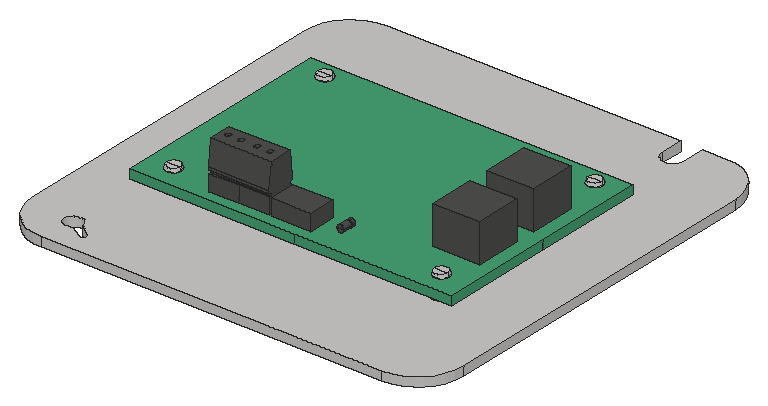
Revit family "NXRO", category Communication Devices, host Face, Revit 2014
Parameters (values of type "NXRO")
  White Element = Glass, White, High Luminance
  Warranty = "5-Years Warranty"  # constant formula
  Voltage = 24 V
  Type Comments = "NX Occupancy Output Interface"  # constant formula
  Steel = Metal-Hubbell-Galvanized_Steel
  Product Page URL = "https://www.hubbell.com/hubbellcontrolsolutions/en/Products/Lighting-Controls/Lighting-Controls-Sensors/NX-Distributed-Intelligence-Lighting-Controls/NX-Occupancy-Output-Interface/p/2529213"
  Product Documentation Link = "https://hubbellcdn.com/specsheet/3470A_NX_Occupancy_Output.pdf"
  URL = "https://www.hubbell.com/hubbellcontrolsolutions/en"
  Model = "NXRO"  # constant formula
  Manufacturer = "Hubbell Control Solutions"  # constant formula
  Green Element = Plastic - Hubbell - Green
  Features = "• Mounts to standard 4 11/16\" junction box, Raco #257 or similar\r\n• Removable terminal bloc for input connection\r\n• Connects to and is powered by NX SmartPORT\r\n• Supports multiple occupancy sensors in the zone\r\n• Low voltage Form C output relay supports NC and NO operation\r\n• Low voltage device: 24 VDC"
  Description = "The NX Occupancy Output Interface provides a means to\r\ncommunicate the occupancy state of an NX distributed control\r\nzone to HVAC or other systems using simple contact closure. The\r\nNXRO connects to the SmartPORT™ and provides the aggregate\r\noccupancy state of the zone as reported by one or more\r\noccupancy sensors."  # constant formula
  Default Elevation = 48.00"
  Copyright = "Copyright © 2021 Hubbell Control Solutions"  # constant formula
  Contact Us = "https://www.hubbell.com/hubbellcontrolsolutions/en/contactUs"
  Black Material = Paint - Hubbell - Black Matte Textured
  Assembly Code = "D5090"
  Apparent Load = 0 VA
Reference planes (in)
  plane 1 "Center (Front/Back)": y = 11.68155
  plane 2: z = 0
  plane 3 "Center (Left/Right)": x = 0
  plane 4: z = 1.38
  plane 5: x = 2.38
  plane 6: x = -2.38
  plane 7: y = 14.06155
  plane 8: y = 9.30155
Forms (in)
  Extrusion 1, solid, material "Metal-Hubbell-Galvanized_Steel" <- "Steel"
    sketch origin (0, 0, 0) x (1, 0, 0) y (0, 1, 0)
      loop
        line (-1.88, 9.30155) -> (1.88, 9.30155)
        arc (1.88, 9.30155) -> (2.23355, 9.448) -> (2.38, 9.80155) r 0.5
        line (2.38, 9.80155) -> (2.38, 13.56155)
        arc (2.38, 13.56155) -> (2.23355, 13.91511) -> (1.88, 14.06155) r 0.5
        line (1.88, 14.06155) -> (1.61769, 14.06155) -> (1.61769, 13.81155)
        arc (1.61769, 13.81155) -> (1.49269, 13.68655) -> (1.36769, 13.81155) r 0.125
        line (1.36769, 13.81155) -> (1.36769, 14.06155) -> (-1.88, 14.06155)
        arc (-1.88, 14.06155) -> (-2.23355, 13.91511) -> (-2.38, 13.56155) r 0.5
        line (-2.38, 13.56155) -> (-2.38, 9.80155)
        arc (-2.38, 9.80155) -> (-2.23355, 9.448) -> (-1.88, 9.30155) r 0.5
      loop
        arc (-1.73425, 9.67849) -> (-1.92135, 9.72883) -> (-1.77598, 9.60074) r 0.09949
        line (-1.77598, 9.60074) -> (-1.64496, 9.51237)
        arc (-1.64496, 9.51237) -> (-1.58402, 9.52421) -> (-1.59586, 9.58515) r 0.0439
        line (-1.59586, 9.58515) -> (-1.73425, 9.67849)
    from 0.1 to 0
  Extrusion 2, solid, material "Plastic - Hubbell - Green" <- "Green Element"
    sketch origin (0, 0, 0) x (1, 0, 0) y (0, 1, 0)
      loop
        line (-1.8125, 12.93155) -> (-1.8125, 11.68155) -> (-1.8125, 10.43155) -> (0, 10.43155) -> (1.75, 10.43155) -> (1.75, 11.68155) -> (1.75, 12.93155) -> (0, 12.93155) -> (-1.8125, 12.93155)
    from 0.3 to 0.2
  Revolve 3, solid, material "Metal-Hubbell-Galvanized_Steel" <- "Steel"
    sketch origin (-0.17187, 12.7542, 0) x (1, 0, 0) y (0, 0, 1)
      loop
        line (-1.34349, 0.33405) -> (-1.34349, 0) -> (-1.22734, 0) -> (-1.22734, 0.08365) -> (-1.22734, 0.12718) -> (-1.26074, 0.16058) -> (-1.26074, 0.2) -> (-1.26074, 0.2594) -> (-1.26074, 0.3) -> (-1.26987, 0.33405) -> (-1.34349, 0.33405)
      axis (-1.34349, 0.33405) -> (-1.34349, 0)
    angle from 0 to 360
  Revolve 4, solid, material "Metal-Hubbell-Galvanized_Steel" <- "Steel"
    sketch origin (-0.1875, 10.68704, 0) x (1, 0, 0) y (0, 0, -1)
      loop
        line (-1.34349, -0.33405) -> (-1.26987, -0.33405) -> (-1.26074, -0.3) -> (-1.26074, -0.2594) -> (-1.26074, -0.2) -> (-1.26074, -0.16058) -> (-1.22734, -0.12718) -> (-1.22734, -0.08365) -> (-1.22734, 0) -> (-1.34349, 0) -> (-1.34349, -0.33405)
      axis (-1.34349, -0.33405) -> (-1.34349, 0)
    angle from 0 to 360
  Revolve 5, solid, material "Metal-Hubbell-Galvanized_Steel" <- "Steel"
    sketch origin (0.125, 12.7542, 0) x (-1, 0, 0) y (0, 0, -1)
      loop
        line (-1.34349, -0.33405) -> (-1.26987, -0.33405) -> (-1.26074, -0.3) -> (-1.26074, -0.2594) -> (-1.26074, -0.2) -> (-1.26074, -0.16058) -> (-1.22734, -0.12718) -> (-1.22734, -0.08365) -> (-1.22734, 0) -> (-1.34349, 0) -> (-1.34349, -0.33405)
      axis (-1.34349, -0.33405) -> (-1.34349, 0)
    angle from 0 to 360
  Revolve 6, solid, material "Metal-Hubbell-Galvanized_Steel" <- "Steel"
    sketch origin (0.09375, 10.67141, 0) x (-1, 0, 0) y (0, 0, 1)
      loop
        line (-1.34349, 0.33405) -> (-1.34349, 0) -> (-1.22734, 0) -> (-1.22734, 0.08365) -> (-1.22734, 0.12718) -> (-1.26074, 0.16058) -> (-1.26074, 0.2) -> (-1.26074, 0.2594) -> (-1.26074, 0.3) -> (-1.26987, 0.33405) -> (-1.34349, 0.33405)
      axis (-1.34349, 0.33405) -> (-1.34349, 0)
    angle from 0 to 360
  Extrusion 7, solid, material "Paint - Hubbell - Black Matte Textured" <- "Black Material"
    sketch origin (0, 0, 0) x (1, 0, 0) y (0, 1, 0)
      loop
        line (1.07477, 12.26881) -> (1.07477, 11.75081) -> (1.59142, 11.75081) -> (1.59142, 12.26881) -> (1.07477, 12.26881)
      loop
        line (1.07477, 11.51881) -> (1.07477, 11.00717) -> (1.59142, 11.00717) -> (1.59142, 11.51881) -> (1.07477, 11.51881)
    from 0.72 to 0.3
  Extrusion 8, solid, material "Paint - Hubbell - Black Matte Textured" <- "Black Material"
    sketch origin (0, 0, 0) x (1, 0, 0) y (0, 1, 0)
      loop
        line (-1.00063, 10.85069) -> (-1.03163, 10.85069) -> (-1.03163, 10.76408) -> (-1.03163, 10.55381) -> (-0.70532, 10.55381) -> (-0.36338, 10.55381) -> (-0.36338, 10.76408) -> (-0.36338, 10.85069) -> (-0.41001, 10.85069) -> (-1.00063, 10.85069)
      loop
        line (-0.34545, 10.85069) -> (-0.34545, 10.55381) -> (0.09364, 10.55381) -> (0.09364, 10.85069) -> (-0.34545, 10.85069)
    from 0.47751 to 0.3
  Revolve 9, solid, material "Paint - Hubbell - Black Matte Textured" <- "Black Material"
    sketch origin (12.8813, 10.91703, 0.33994) x (0, 1, 0) y (-1, 0, 0)
      loop
        line (-0.22328, 12.57268) -> (-0.07227, 12.57268) -> (-0.07227, 12.61114) -> (-0.10469, 12.61114)
        arc (-0.10469, 12.61114) -> (-0.11469, 12.60114) -> (-0.12469, 12.61114) r 0.01
        line (-0.12469, 12.61114) -> (-0.22328, 12.61114) -> (-0.22328, 12.57268)
      axis (-0.22328, 12.57268) -> (-0.07227, 12.57268)
    angle from 0 to 360
  Extrusion 10, solid, material "Paint - Hubbell - Black Matte Textured" <- "Black Material"
    sketch origin (0, 0, 0) x (0, 1, 0) y (0, 0, 1)
      loop
        line (10.57798, 0.47751) -> (10.82798, 0.47751) -> (10.82798, 0.51256) -> (10.85898, 0.51256) -> (10.85898, 0.54356) -> (10.82798, 0.82175) -> (10.57798, 0.82175) -> (10.54698, 0.54356) -> (10.54698, 0.51256) -> (10.57798, 0.51256) -> (10.57798, 0.47751)
    from -0.36338 to -1.03163
  Extrusion 11, void
    sketch origin (-0.58263, 0, 0) x (1, 0, 0) y (0, 1, 0)
      loop
        circle (-0.36127, 10.70382) r 0.031
      loop
        circle (-0.21298, 10.70382) r 0.031
      loop
        circle (-0.03683, 10.70382) r 0.031
      loop
        circle (0.10829, 10.70382) r 0.031
    from 0.82175 to 0.80452
Cuts and joins
  Extrusion 11 cuts Extrusion 10
  joined: Extrusion 8, Extrusion 10
Dimensions and locks (in)
  aligned and locked: plane 2 to host face
  aligned and locked: level to host face
  aligned and locked: Extrusion 8 to Extrusion 2
  aligned and locked: Extrusion 7 to Extrusion 2
Connectors (in)
  electrical at (0.49756, 12.43322, 0.1)
    settings: on Extrusion 1, index 1, voltage 0 V, apparent load 0 VA, apparent load phase1 0 VA, apparent load phase2 0 VA, apparent load phase3 0 VA, power factor 1, load classification "Other", number of poles 1, system type 14, power factor state 1, is connector primary yes, connector utility no, sub classification motor no, connector description "Occupancy Output Interface"
